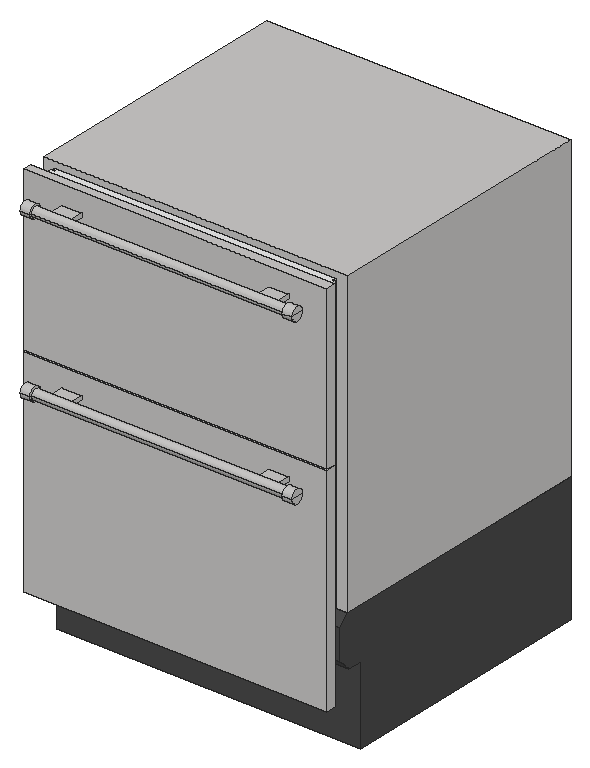
Revit family "M_Gavetas_refrigerador_embutir", category Equipamento especial, Revit 2019
Family settings
  Cota do conector redondo = Utilizar diâmetro
  Tipo de parte = Normal
  Número OmniClass = 23.40.40.14
  Título OmniClass = Food Service Equipment
  Com base no plano de trabalho = Não
  Sempre na vertical = Sim
  Corte com vazios quando carregada = Não
  Compartilhado = Não
  Ponto de cálculo do ambiente = Não
Parameters (values of type "600mm")
  Largura = 600 mm
  Deslocamento de parede = 25 mm
  Voltagem = 120 V
  URL = ""
  Type Comments = ""
  Mostrar legenda = yes
  Consumo de energia = 1000 VA
  Model = ""
  Acabamento mecânico = Eletrodoméstico – Aço – Preto
  Manufacturer = ""
  Legenda = "Refr. U.C."
  Keynote = ""
  Junta = Eletrodoméstico – Junta
  Altura = 850 mm
  Descrição = "Gavetas do refrigerador de embutir"
  Linear = 600 mm
  Custo = 0
  Código de montagem = "E1090320"
  Acabamento do eletrodoméstico = Eletrodoméstico – Aço inoxidável
  Amperagem = Consumo de energia / Voltagem  # 8.33333 A
Types (3, lengths in mm): name | Largura
  750mm | 750
  900mm | 900
  600mm | 600
Reference planes
  plane 1 "Parte posterior": y = 0
  plane 2: z = 0
  plane 3 "Centro (Esquerda/Direita)": x = 0
  plane 4 "Esquerda": x = -300
  plane 5 "Direita": x = 300
  plane 6: y = -25
  plane 7 "Parte frontal": y = -625
  plane 8 "Traseira da porta": y = -574.2
  plane 9 "Superior": z = 850
  plane 10 "Porta B.O.": z = 101.6
  plane 11: z = 527.05
  plane 12 "Porta interior inferior": z = 254
  plane 13: y = -659.925
  plane 14 "Puxador superior": z = 808.725
  plane 15 "Puxador inferior": z = 485.775
Forms (mm)
  Extrusion 1, solid, material "Eletrodoméstico – Aço inoxidável" <- "Acabamento do eletrodoméstico"
    sketch origin (0, 0, 0) x (1, 0, 0) y (0, 1, 0)
      loop
        line (-300, -25) -> (-300, -574.2) -> (300, -574.2) -> (300, -25) -> (-300, -25)
    from 254 to 850
  Extrusion 2, solid, material "Eletrodoméstico – Aço inoxidável" <- "Acabamento do eletrodoméstico"
    sketch origin (0, -625, 0) x (-1, 0, 0) y (0, 0, 1)
      loop
        line (300, 850) -> (-300, 850) -> (-300, 530.225) -> (300, 530.225) -> (300, 850)
      loop
        line (300, 101.6) -> (300, 527.05) -> (-300, 527.05) -> (-300, 101.6) -> (300, 101.6)
    from 0 to 19.05
  Extrusion 3, solid, material "Eletrodoméstico – Aço – Preto" <- "Acabamento mecânico"
    sketch origin (0, 0, 0) x (0, 1, 0) y (0, 0, 1)
      loop
        line (-25, 254) -> (-574.2, 254) -> (-593.25, 234.95) -> (-593.25, 174.625) -> (-571.025, 152.4) -> (-542.45, 152.4) -> (-542.45, 0) -> (-25, 0) -> (-25, 254)
    from -300 to 300
  Extrusion 4, solid, material "Eletrodoméstico – Junta" <- "Junta"
    sketch origin (0, 0, 254) x (-1, 0, 0) y (0, -1, 0)
      loop
        line (287.3, 605.95) -> (-287.3, 605.95) -> (-287.3, 601.187)
        arc (-287.3, 601.187) -> (-286.835, 600.065) -> (-285.713, 599.6) r 1.587
        line (-285.713, 599.6) -> (-282.538, 599.6)
        arc (-282.538, 599.6) -> (-281.415, 599.135) -> (-280.95, 598.012) r 1.587
        line (-280.95, 598.012) -> (-280.95, 582.137)
        arc (-280.95, 582.137) -> (-280.485, 581.015) -> (-279.363, 580.55) r 1.587
        line (-279.363, 580.55) -> (-274.6, 580.55)
        arc (-274.6, 580.55) -> (-277.775, 577.375) -> (-274.6, 574.2) r 3.175
        line (-274.6, 574.2) -> (274.6, 574.2)
        arc (274.6, 574.2) -> (277.775, 577.375) -> (274.6, 580.55) r 3.175
        line (274.6, 580.55) -> (279.362, 580.55)
        arc (279.362, 580.55) -> (280.485, 581.015) -> (280.95, 582.137) r 1.587
        line (280.95, 582.137) -> (280.95, 598.012)
        arc (280.95, 598.012) -> (281.415, 599.135) -> (282.537, 599.6) r 1.587
        line (282.537, 599.6) -> (285.712, 599.6)
        arc (285.712, 599.6) -> (286.835, 600.065) -> (287.3, 601.187) r 1.587
        line (287.3, 601.187) -> (287.3, 605.95)
    from 0 to 583.3
  Revolve 5, solid, material "Eletrodoméstico – Aço inoxidável" <- "Acabamento do eletrodoméstico", detail levels fine
    sketch origin (0, 0, 485.775) x (0, 1, 0) y (-1, 0, 0)
      loop
        line (-659.925, 268.25) -> (-659.925, -268.25) -> (-647.225, -268.25) -> (-647.225, -249.2) -> (-650.4, -249.2) -> (-650.4, 249.2) -> (-647.225, 249.2) -> (-647.225, 268.25) -> (-659.925, 268.25)
      axis (-659.925, 268.25) -> (-659.925, -268.25)
    angle from 0 to 360
  Revolve 6, solid, material "Eletrodoméstico – Aço inoxidável" <- "Acabamento do eletrodoméstico", detail levels fine
    sketch origin (0, 0, 808.725) x (0, 1, 0) y (-1, 0, 0)
      loop
        line (-659.925, 268.25) -> (-659.925, -268.25) -> (-647.225, -268.25) -> (-647.225, -249.2) -> (-650.4, -249.2) -> (-650.4, 249.2) -> (-647.225, 249.2) -> (-647.225, 268.25) -> (-659.925, 268.25)
      axis (-659.925, 268.25) -> (-659.925, -268.25)
    angle from 0 to 360
  Extrusion 7, solid, material "Eletrodoméstico – Aço inoxidável" <- "Acabamento do eletrodoméstico", detail levels fine
    sketch origin (0, -625, 0) x (-1, 0, 0) y (0, 0, 1)
      loop
        line (223.791, 812.863) -> (185.691, 812.863) -> (185.691, 804.587) -> (223.791, 804.587) -> (223.791, 812.863)
      loop
        line (-223.791, 812.863) -> (-223.791, 804.587) -> (-185.691, 804.587) -> (-185.691, 812.863) -> (-223.791, 812.863)
      loop
        line (223.791, 489.913) -> (185.691, 489.913) -> (185.691, 481.637) -> (223.791, 481.637) -> (223.791, 489.913)
      loop
        line (-223.791, 489.913) -> (-223.791, 481.637) -> (-185.691, 481.637) -> (-185.691, 489.913) -> (-223.791, 489.913)
    from -34.925 to 0
Cuts and joins
  joined: Revolve 5, Revolve 6, Extrusion 7
Lines and regions (mm)
  Masking region 1
    outline origin (0, 0, 0) x (1, 0, 0) y (0, 1, 0)
      loop
        line (-300, -25) -> (-300, -625) -> (300, -625) -> (300, -25) -> (-300, -25)
  Masking region 2, detail levels fine
    outline origin (0, 0, 0) x (1, 0, 0) y (0, 1, 0)
      loop
        line (-223.791, -625) -> (-223.791, -651.346) -> (-268.25, -651.346) -> (-268.25, -668.504) -> (268.25, -668.504) -> (268.25, -651.346) -> (223.791, -651.346) -> (223.791, -625) -> (185.691, -625) -> (185.691, -651.346) -> (-185.691, -651.346) -> (-185.691, -625) -> (-223.791, -625)
  Split face 1
    outline origin (0, -25, 254) x (0, 0, -1) y (-1, 0, 0)
      loop
        circle (152.4, 157.2) r 12.7
  symbolic lines, style "Eletrodomésticos – Ocultos"
    curve 1: line (-300, -25, 0) -> (300, -25, 0)
    curve 2: line (-300, -625, 0) -> (-300, -25, 0)
    curve 4: line (300, -25, 0) -> (300, -625, 0)
    curve 5: line (-300, -574.2, 0) -> (300, -574.2, 0)
  symbolic lines, style "Eletrodomésticos"
    curve 3: line (300, -625, 0) -> (-300, -625, 0)
Dimensions and locks
  equal spacing: plane 4 "Esquerda", plane 3 "Centro (Esquerda/Direita)", plane 5 "Direita"
  "Largura": plane 4 "Esquerda" to plane 5 "Direita"
  "Linear": plane 6 to plane 7 "Parte frontal"
  "Deslocamento de parede": plane 1 "Parte posterior" to plane 6
  "Altura": plane 9 "Superior" to level
  plane 10 "Porta B.O." to level = 101.6 mm
  locked: plane 8 "Traseira da porta" to plane 7 "Parte frontal" at 50.8
  locked: plane 11 to level at 527.05
  equal spacing: plane 6, nested 1, plane 8 "Traseira da porta"
  locked: plane 12 "Porta interior inferior" to level at 254
  locked: Extrusion 3 sketch curve to plane 10 "Porta B.O." at 50.8
  Extrusion 3 sketch curve to plane 8 "Traseira da porta" to Extrusion 3 sketch curve = 31.75 mm locked, 19.05 mm locked
  locked: Extrusion 2 sketch curve to plane 11 at 3.175
  locked: plane 7 "Parte frontal" to plane 13 at 34.925
  locked: Revolve 5 sketch curve to plane 13 at 9.525
  locked: Revolve 5 sketch curve to plane 13 at 12.7
  locked: plane 11 to plane 15 "Puxador inferior" at 41.275
  locked: plane 9 "Superior" to plane 14 "Puxador superior" at 41.275
  Revolve 5 sketch curve to Revolve 5 sketch curve to plane 5 "Direita" = 19.05 mm locked, 31.75 mm locked
  plane 4 "Esquerda" to Revolve 5 sketch curve to Revolve 5 sketch curve = 31.75 mm locked, 19.05 mm locked
  plane 4 "Esquerda" to Revolve 6 sketch curve to Revolve 6 sketch curve = 31.75 mm locked, 19.05 mm locked
  Revolve 6 sketch curve to Revolve 6 sketch curve to plane 5 "Direita" = 19.05 mm locked, 31.75 mm locked
  Revolve 6 sketch curve to Revolve 6 sketch curve to plane 13 = 3.175 mm locked, 9.525 mm locked
  equal spacing: Extrusion 7 sketch curve, plane 14 "Puxador superior", Extrusion 7 sketch curve, locked at 4.138 each  (x2)
  Extrusion 7 sketch curve to Extrusion 7 sketch curve to plane 4 "Esquerda" = 38.1 mm locked, 76.209 mm locked  (x2)
  Extrusion 7 sketch curve to Extrusion 7 sketch curve to plane 5 "Direita" = 38.1 mm locked, 76.209 mm locked  (x2)
  Extrusion 7 sketch curve to plane 15 "Puxador inferior" to Extrusion 7 sketch curve = 4.138 mm locked, 4.138 mm locked  (x2)
  locked: plane 9 "Superior" to Extrusion 4 at 12.7
  Masking region 2 sketch curve to plane 13 to Masking region 2 sketch curve = 8.579 mm locked, 8.579 mm locked
  aligned and locked: plane 2 to level
  aligned and locked: Extrusion 1 sketch curve to plane 6
  aligned and locked: plane 4 "Esquerda" to Extrusion 1 sketch curve
  aligned and locked: plane 8 "Traseira da porta" to Extrusion 1 sketch curve
  aligned and locked: Extrusion 1 sketch curve to plane 5 "Direita"
  aligned and locked: plane 4 "Esquerda" to Extrusion 2 sketch curve  (x2)
  aligned and locked: Extrusion 2 sketch curve to plane 5 "Direita"  (x2)
  aligned and locked: plane 10 "Porta B.O." to Extrusion 2 sketch curve
  aligned and locked: plane 3 "Centro (Esquerda/Direita)" to nested 1
  aligned and locked: Masking region 1 sketch curve to plane 5 "Direita"
  aligned and locked: Masking region 1 sketch curve to plane 6
  aligned and locked: plane 4 "Esquerda" to Masking region 1 sketch curve
  aligned and locked: plane 7 "Parte frontal" to Masking region 1 sketch curve
  aligned and locked: Extrusion 2 sketch curve to plane 9 "Superior"
  aligned and locked: Extrusion 1 to plane 12 "Porta interior inferior"
  aligned and locked: plane 6 to Extrusion 3 sketch curve
  aligned and locked: plane 12 "Porta interior inferior" to Extrusion 3 sketch curve
  aligned and locked: plane 5 "Direita" to Extrusion 3
  aligned and locked: Extrusion 3 to plane 4 "Esquerda"
  aligned and locked: Extrusion 3 sketch curve to level
  aligned and locked: plane 9 "Superior" to Extrusion 1
  aligned and locked: plane 11 to Extrusion 2 sketch curve
  aligned and locked: Revolve 5 sketch curve to plane 13  (x2)
  aligned and locked: Revolve 5 sketch curve to Revolve 5 sketch curve
  aligned and locked: Revolve 6 sketch curve to Revolve 6 sketch curve
  aligned and locked: Revolve 6 sketch curve to plane 13
  aligned and locked: Extrusion 7 to plane 13
  aligned and locked: plane 7 "Parte frontal" to Extrusion 7
  aligned and locked: Masking region 2 sketch curve to cut or joined group of Revolve 5, Revolve 6, Extrusion 7  (x4)
  aligned and locked: cut or joined group of Revolve 5, Revolve 6, Extrusion 7 to Masking region 2 sketch curve  (x2)
  aligned and locked: Masking region 2 sketch curve to plane 7 "Parte frontal"
  aligned and locked: plane 7 "Parte frontal" to Masking region 2 sketch curve
Automatic sketch dimensions
  Extrusion 3 sketch curve to plane 8 "Traseira da porta" = 0 mm
  plane 8 "Traseira da porta" to Extrusion 3 sketch curve = 3.175 mm
  Extrusion 3 sketch curve to Extrusion 3 sketch curve = 22.225 mm
  Extrusion 3 sketch curve to plane 12 "Porta interior inferior" = 19.05 mm
  Extrusion 4 sketch curve to plane 8 "Traseira da porta" = 0 mm
  Extrusion 4 sketch curve to plane 5 "Direita" = 12.7 mm
  Extrusion 4 sketch curve to Extrusion 4 sketch curve = 1.588 mm  (x4)
  Extrusion 4 sketch curve to Extrusion 4 sketch curve = 3.175 mm  (x2)
  Extrusion 4 sketch curve to plane 8 "Traseira da porta" = 7.937 mm
  Extrusion 4 sketch curve to Extrusion 4 sketch curve = 1.587 mm  (x2)
  Extrusion 4 sketch curve to Extrusion 4 sketch curve = 4.763 mm  (x3)
  Extrusion 4 sketch curve to plane 8 "Traseira da porta" = 3.175 mm
  plane 4 "Esquerda" to Extrusion 4 sketch curve = 25.4 mm
  Extrusion 4 sketch curve to Extrusion 4 sketch curve = 15.875 mm  (x2)
  plane 5 "Direita" to Revolve 5 sketch curve = 111.875 mm
  Revolve 5 sketch curve to plane 4 "Esquerda" = 60.547 mm
  Revolve 6 sketch curve to plane 13 = 0 mm
  plane 5 "Direita" to Revolve 6 sketch curve = 111.875 mm
  Revolve 6 sketch curve to plane 4 "Esquerda" = 60.547 mm
  Extrusion 7 sketch curve to plane 14 "Puxador superior" = 4.138 mm  (x2)
  curve 1 to plane 4 "Esquerda" = 0 mm
  curve 4 to plane 5 "Direita" = 0 mm
  curve 5 to plane 8 "Traseira da porta" = 0 mm
  curve 2 to plane 6 = 0 mm
  curve 3 to plane 7 "Parte frontal" = 0 mm
  plane 13 to Masking region 2 sketch curve = 8.579 mm  (x2)
  Split face 1 sketch curve to Extrusion 3 = 101.6 mm
  Split face 1 sketch curve to Extrusion 3 = 457.2 mm
  radius of Split face 1 sketch curve = 12.7 mm
Nested families
  nested 1: "Anotação de legenda de 2,5" at (0, -299.6, 0), visible <- "Mostrar legenda", type "Anotação de legenda de 2,5"
Connectors
  electrical at (-157.2, -25, 101.6), driven by "Voltagem", driven by "Consumo de energia"
    settings: on Extrusion 3, index 1, voltage 120 V, apparent load 1000 VA, apparent load phase1 0 VA, apparent load phase2 0 VA, apparent load phase3 0 VA, power factor 1, load classification "Eletrodoméstico", number of poles 1, system type 30, power factor state 1, is connector primary yes, connector utility no, sub classification motor no, connector description "Potência do refrigerador"
Definition of nested family "Anotação de legenda de 2,5"
  Parameters
    Legenda = "Congelador 36 LH"
  Reference planes
    plane 1: y = 0
    plane 2: x = 0
  Text (mm)
    label "Legenda" at (0.095, -0.088, 0), shows "Legenda"
